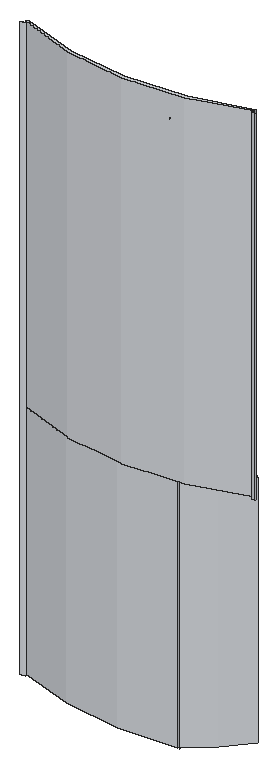
Revit family "Forte 8ft Tower Door Left", category Furniture, Revit 2011
Parameters (values of type "Forte 20' Tower Door Left")
  URL = "http://www.wengercorp.com/Home/Contact.html"
  Tower Label = Labels : 20ft
  Tower Height (16', 17', 18', 19', 20') = 20' - 0"
  Toekick Material [instance] = none
  RH End Panel [instance] = no
  Model = "60"
  Manufacturer = "Wenger Corporation"
  LH End Panel [instance] = no
  End Panel Material [instance] = none
  Edge Banding Material [instance] = none
  Door Material [instance] = none
  Description = "Standard 20ft Forte Tower"
  Assembly Code = ""
Types (5): name | Tower Label | Tower Height (16', 17', 18', 19', 20') | Description
  Forte 16' Tower Door Left | Labels : 16ft | 16' - 0" | "Standard 16' Forte Tower"
  Forte 17' Tower Door Left | Labels : 17ft | 17' - 0" | "Standard 17ft Forte Tower"
  Forte 18' Tower Door Left | Labels : 18ft | 18' - 0" | "Standard 18ft Forte Tower"
  Forte 19' Tower Door Left | Labels : 19ft | 19' - 0" | "Standard 19ft Forte Tower"
  Forte 20' Tower Door Left | Labels : 20ft | 20' - 0" | "Standard 20ft Forte Tower"
Reference planes (in)
  plane 1 "2D overlay plane": z = -15
  plane 2: z = 1.5
  plane 3: z = 0
  plane 4 "Panel Line": y = 788.05204
  plane 5 "Panel Line 8' h": z = 98.88281
  plane 6 "Panel Line 4' h": z = 52.3125
  plane 7 "Panel Line 12' h": z = 145.4375
  plane 8 "Panel Top 16'": z = 240
  plane 9 "Storage Panel Top": z = 32
  plane 10: x = 27.87036
  plane 11: x = 61.37707
  plane 12 "Storage Door Vertical": y = 779.68397
  plane 13: z = 192
  plane 14: z = 232
  plane 15: z = 230
  plane 16 "Door Inside Edge": x = 66.00548
  plane 17 "Door Top": z = 98.38281
Forms (in)
  Extrusion 1, solid
    sketch origin (0.01562, 0, 0.5) x (0, -1, 0) y (1, 0, 0)
      loop
        arc (-788.05204, -2.10568) -> (-778.50111, 44.60534) -> (-788.04976, 91.31682) r 119.01526
        line (-788.04976, 91.31682) -> (-788.96951, 90.92437)
        arc (-788.96951, 90.92437) -> (-779.50113, 44.60536) -> (-788.97177, -1.71318) r 118.01559
        line (-788.97177, -1.71318) -> (-788.05204, -2.10568)
    from 98.38281 to 239.5
  Extrusion 2, solid
    sketch origin (0, 0, 5.75) x (0, -1, 0) y (1, 0, 0)
      loop
        line (-814.48958, 31.889) -> (-814.48958, 57.32749) -> (-818.48958, 57.32749) -> (-818.48958, 31.889) -> (-814.48958, 31.889)
    from 0 to 4
  Extrusion 3, solid
    sketch origin (0, 0, 5.75) x (0, -1, 0) y (1, 0, 0)
      loop
        line (-818.48958, 34.09243) -> (-817.35949, 34.09243)
        arc (-817.35949, 34.09243) -> (-816.48449, 34.96743) -> (-815.60949, 34.09243) r 0.875
        line (-815.60949, 34.09243) -> (-814.48958, 34.09243) -> (-814.48958, 55.13162) -> (-815.61411, 55.13162)
        arc (-815.61411, 55.13162) -> (-816.48092, 54.26481) -> (-817.34773, 55.13162) r 0.86681
        line (-817.34773, 55.13162) -> (-818.48958, 55.13162) -> (-818.48958, 34.09243)
    from 4 to 12
  Extrusion 4, solid
    sketch origin (0, 0, 5.75) x (0, -1, 0) y (1, 0, 0)
      loop
        line (-785.88036, 27.28815) -> (-814.48958, 33.36922) -> (-814.48958, 31.889) -> (-785.88036, 25.80792) -> (-785.88036, 27.28815)
    from 0 to 4
  Extrusion 5, solid
    sketch origin (0, 0, 5.75) x (0, -1, 0) y (1, 0, 0)
      loop
        line (-785.88036, 61.92834) -> (-785.88036, 63.40828) -> (-814.48958, 57.32749) -> (-814.48958, 55.84726) -> (-785.88036, 61.92834)
    from 0 to 4
  Extrusion 6, solid
    sketch origin (0, 0.03125, 9.75) x (0, -1, 0) y (1, 0, 0)
      loop
        line (-816.8385, 55.7981) -> (-817.21612, 55.14405) -> (-816.8385, 54.48999) -> (-816.08326, 54.48999) -> (-815.70564, 55.14405) -> (-816.08326, 55.7981) -> (-816.8385, 55.7981)
    from 0 to 15.75
  Extrusion 7, solid
    sketch origin (-21.04546, 0.03125, 9.75) x (0, -1, 0) y (1, 0, 0)
      loop
        line (-816.8385, 55.7981) -> (-817.21612, 55.14405) -> (-816.8385, 54.48999) -> (-816.08326, 54.48999) -> (-815.70564, 55.14405) -> (-816.08326, 55.7981) -> (-816.8385, 55.7981)
    from 0 to 15.75
  Extrusion 8, solid
    sketch origin (-179.68383, 21.84325, 0.375) x (0.207912, 0.978148, 0) y (0, 0, 1)
      loop
        line (809.23958, 9.75) -> (790.11821, 24.15899) -> (790.11821, 22.65899) -> (807.73168, 9.38628) -> (809.72225, 9.38628) -> (809.23958, 9.75)
    from 42.27597 to 43.44341
  Extrusion 9, solid
    sketch origin (0, 0, 5.75) x (0, -1, 0) y (1, 0, 0)
      loop
        line (-781.2366, 24.8363) -> (-780.88935, 26.80566) -> (-785.55916, 27.62907) -> (-785.88028, 25.8079) -> (-781.2366, 24.8363)
    from 4 to 226.25
  Extrusion 10, solid
    sketch origin (268.90783, 21.84325, 0.375) x (-0.207912, 0.978148, 0) y (0, 0, -1)
      loop
        line (809.23958, -9.75) -> (809.72225, -9.38628) -> (807.73168, -9.38628) -> (790.11821, -22.65899) -> (790.11821, -24.15899) -> (809.23958, -9.75)
    from 42.27597 to 43.44341
  Extrusion 11, solid
    sketch origin (89.22399, 0, 5.75) x (0, -1, 0) y (1, 0, 0)
      loop
        line (-781.22862, -24.83463) -> (-785.88028, -25.8079) -> (-785.55916, -27.62907) -> (-780.88132, -26.80424) -> (-781.22862, -24.83463)
    from 4 to 226.25
  Extrusion 12, solid
    sketch origin (0, 0, 182) x (0, -1, 0) y (1, 0, 0)
      loop
        line (-785.55916, 27.62907) -> (-780.88132, 26.80424)
        arc (-780.88132, 26.80424) -> (-779.50188, 44.612) -> (-780.88132, 62.41975) r 115.63339
        line (-780.88132, 62.41975) -> (-785.55916, 61.59492) -> (-785.55916, 27.62907)
    from 48 to 50
  Extrusion 13, solid
    sketch origin (0, 0, 36) x (0, -1, 0) y (1, 0, 0)
      loop
        line (-785.55916, 27.62907) -> (-780.88132, 26.80424)
        arc (-780.88132, 26.80424) -> (-779.50188, 44.612) -> (-780.88132, 62.41975) r 115.63339
        line (-780.88132, 62.41975) -> (-785.55916, 61.59492) -> (-785.55916, 27.62907)
    from 0 to 2
  Extrusion 14, solid
    sketch origin (0, 0, 2.75) x (0, -1, 0) y (1, 0, 0)
      loop
        line (-785.89434, 25.81085) -> (-781.17172, 24.82261) -> (-780.7542, 27.79342) -> (-785.89434, 28.88599) -> (-785.89434, 25.81085)
    from 1.25 to 7
  Extrusion 15, solid
    sketch origin (89.22399, 0, 2.75) x (0, -1, 0) y (1, 0, 0)
      loop
        line (-785.89434, -25.81085) -> (-785.89434, -28.88599) -> (-780.7542, -27.79342) -> (-781.17172, -24.82261) -> (-785.89434, -25.81085)
    from 1.25 to 7
  Extrusion 16, solid
    sketch origin (-21.04546, 0.03125, 2.75) x (0, -1, 0) y (1, 0, 0)
      loop
        line (-816.8385, 55.7981) -> (-817.21612, 55.14405) -> (-816.8385, 54.48999) -> (-816.08326, 54.48999) -> (-815.70564, 55.14405) -> (-816.08326, 55.7981) -> (-816.8385, 55.7981)
    from 1.25 to 3
  Extrusion 17, solid
    sketch origin (0, 0.03125, 2.75) x (0, -1, 0) y (1, 0, 0)
      loop
        line (-816.8385, 55.7981) -> (-817.21612, 55.14405) -> (-816.8385, 54.48999) -> (-816.08326, 54.48999) -> (-815.70564, 55.14405) -> (-816.08326, 55.7981) -> (-816.8385, 55.7981)
    from 1.25 to 3
  Extrusion 18, solid
    sketch origin (0, 0, 0) x (0, -1, 0) y (1, 0, 0)
      loop
        line (-786.56615, -3.38412) -> (-786.4804, -3.38412)
        arc (-786.4804, -3.38412) -> (-786.61683, -2.34784) -> (-787.01681, -1.38218) r 4.00387
        line (-787.01681, -1.38218) -> (-787.09455, -1.45992)
        arc (-787.09455, -1.45992) -> (-786.70856, -2.38857) -> (-786.56615, -3.38412) r 4.00387
    from 1.5 to 240
  Extrusion 19, solid
    sketch origin (89.22399, 0, 0) x (0, -1, 0) y (1, 0, 0)
      loop
        arc (-786.56615, 3.38412) -> (-786.70856, 2.38857) -> (-787.09455, 1.45992) r 4.00387
        line (-787.09455, 1.45992) -> (-787.01681, 1.38218)
        arc (-787.01681, 1.38218) -> (-786.61683, 2.34784) -> (-786.4804, 3.38412) r 4.00387
        line (-786.4804, 3.38412) -> (-786.56615, 3.38412)
    from 98.88281 to 240
  Extrusion 20, solid
    sketch origin (33.39227, 0, 0) x (0, 1, 0) y (0, 0, 1)
      loop
        line (814.49213, 2) -> (815.07791, 0.58579) -> (816.49213, 0) -> (817.90634, 0.58579) -> (818.49213, 2) -> (817.90634, 3.41421) -> (816.49213, 4) -> (815.07791, 3.41421) -> (814.49213, 2)
    from 0 to 1.5
  Extrusion 21, solid
    sketch origin (26.13887, -33.13714, 0) x (0, 1, 0) y (0, 0, 1)
      loop
        line (814.49213, 2) -> (815.07791, 0.58579) -> (816.49213, 0) -> (817.90634, 0.58579) -> (818.49213, 2) -> (817.90634, 3.41421) -> (816.49213, 4) -> (815.07791, 3.41421) -> (814.49213, 2)
    from 0 to 1.5
  Extrusion 22, solid
    sketch origin (55.83172, 0, 0) x (0, 1, 0) y (0, 0, -1)
      loop
        line (814.49213, -2) -> (815.07791, -3.41421) -> (816.49213, -4) -> (817.90634, -3.41421) -> (818.49213, -2) -> (817.90634, -0.58579) -> (816.49213, 0) -> (815.07791, -0.58579) -> (814.49213, -2)
    from 0 to 1.5
  Extrusion 23, solid
    sketch origin (63.08513, -33.13714, 0) x (0, 1, 0) y (0, 0, -1)
      loop
        line (814.49213, -2) -> (815.07791, -3.41421) -> (816.49213, -4) -> (817.90634, -3.41421) -> (818.49213, -2) -> (817.90634, -0.58579) -> (816.49213, 0) -> (815.07791, -0.58579) -> (814.49213, -2)
    from 0 to 1.5
  Extrusion 24, solid
    sketch origin (-0.02344, 0, -15) x (1, 0, 0) y (0, 1, 0)
      loop
        line (-1.7186, 788.97417) -> (-2.04459, 788.02741)
        arc (-2.04459, 788.02741) -> (31.42306, 779.23399) -> (66.00548, 780.44401) r 118.96323
        line (66.00548, 780.44401) -> (65.81466, 781.4257)
        arc (65.81466, 781.4257) -> (31.49449, 780.24763) -> (-1.7186, 788.97417) r 118.32493
    from 16.5 to 113.88281
  Extrusion 25, solid
    sketch origin (-436.32594, 179.02177, -15) x (0.819152, -0.573576, 0) y (0.573576, 0.819152, 0)
      loop
        line (65.8048, 781.47643) -> (66.77625, 781.23914)
        arc (66.77625, 781.23914) -> (69.17266, 793.57646) -> (70.26111, 806.09714) r 119.59156
        line (70.26111, 806.09714) -> (69.26249, 806.14051)
        arc (69.26249, 806.14051) -> (68.18321, 793.7174) -> (65.8048, 781.47643) r 118.53593
    from 16.5 to 113.38281
Lines and regions (in)
  model lines
    curve 1: arc (-2.06469, 788.04775, 98.88281) -> (44.60824, 778.25543, 98.88281) -> (91.28118, 788.04775, 98.88281) r 116.12428
    curve 2: arc (-2.10568, 788.05204, 145.4375) -> (44.60824, 778.25111, 145.4375) -> (91.32217, 788.05204, 145.4375) r 116.22625
    curve 3: arc (-2.10568, 788.05204, 52.3125) -> (31.38017, 779.00633, 52.3125) -> (66.04418, 780.24496, 52.3125) r 116.22625
    curve 4: line (27.87036, 779.68397, 32) -> (27.87036, 779.68397, 1.5)
    curve 5: line (61.37707, 779.68397, 32) -> (61.37707, 779.68397, 1.5)
    curve 6: arc (27.87036, 779.68397, 32) -> (44.62371, 778.50111, 32) -> (61.37707, 779.68397, 32) r 119.23416
    curve 7: arc (-2.10568, 788.05204, 192) -> (44.60824, 778.50111, 192) -> (91.32217, 788.05204, 192) r 119.01523
Dimensions and locks (in)
  Extrusion 1 to plane 7 "Panel Line 12' h" = 7' - 10 9/16"
  plane 7 "Panel Line 12' h" to plane 5 "Panel Line 8' h" = 3' - 10 71/128"
  plane 5 "Panel Line 8' h" to plane 6 "Panel Line 4' h" = 3' - 10 73/128"
  "Tower Height (16', 17', 18', 19', 20')": plane 8 "Panel Top 16'" to level
  plane 9 "Storage Panel Top" to level = 2' - 8"
  locked: plane 14 to plane 8 "Panel Top 16'" at 8
  locked: plane 15 to plane 14 at 2
  aligned and locked: plane 8 "Panel Top 16'" to Extrusion 1
  aligned and locked: Extrusion 1 to Extrusion 18
  aligned and locked: Extrusion 19 to Extrusion 1
  aligned and locked: Extrusion 9 to Extrusion 11
  aligned and locked: Extrusion 9 to Extrusion 12
  aligned and locked: Extrusion 12 to Extrusion 11
  aligned and locked: Extrusion 12 to plane 15
  aligned and locked: plane 14 to Extrusion 9
Automatic sketch dimensions
  Extrusion 1 sketch curve to plane 4 "Panel Line" = 0' - 0"
  plane 4 "Panel Line" to Extrusion 1 sketch curve = 0' - 0.91748"
  plane 4 "Panel Line" to Extrusion 1 sketch curve = 0' - 0.91974"
  Extrusion 1 sketch curve to plane 10 = 1' - 4.75351"
  plane 4 "Panel Line" to Extrusion 1 sketch curve = 9' - 1.46434"
  Extrusion 1 sketch curve to Extrusion 1 sketch curve = 0' - 0.00034"
  Extrusion 1 sketch curve to plane 4 "Panel Line" = 0' - 0.00228"
  Extrusion 1 sketch curve to Extrusion 1 sketch curve = 0' - 0"
  plane 10 to Extrusion 1 sketch curve = 2' - 5.56792"
  Extrusion 1 sketch curve to Extrusion 1 sketch curve = 0' - 0.3925"
  Extrusion 2 sketch curve to plane 10 = 0' - 4.01863"
  plane 4 "Panel Line" to Extrusion 2 sketch curve = 2' - 6.43754"
  Extrusion 2 sketch curve to Extrusion 2 sketch curve = 0' - 4"
  plane 11 to Extrusion 2 sketch curve = 0' - 4.04958"
  Extrusion 3 sketch curve to plane 10 = 0' - 6.22207"
  plane 4 "Panel Line" to Extrusion 3 sketch curve = 2' - 6.43754"
  Extrusion 3 sketch curve to Extrusion 3 sketch curve = 0' - 1.13009"
  Extrusion 3 sketch curve to Extrusion 3 sketch curve = 0' - 1.14185"
  Extrusion 3 sketch curve to Extrusion 3 sketch curve = 0' - 0 7/8"
  Extrusion 3 sketch curve to Extrusion 3 sketch curve = 0' - 0.86681"
  Extrusion 3 sketch curve to Extrusion 3 sketch curve = 0' - 1.11991"
  plane 11 to Extrusion 3 sketch curve = 0' - 6.24545"
  Extrusion 4 sketch curve to plane 10 = 0' - 4.01863"
  plane 4 "Panel Line" to Extrusion 4 sketch curve = 2' - 2.43754"
  plane 10 to Extrusion 4 sketch curve = 0' - 0.58222"
  Extrusion 4 sketch curve to plane 4 "Panel Line" = 0' - 2.17167"
  Extrusion 4 sketch curve to Extrusion 4 sketch curve = 0' - 1.48023"  (x2)
  plane 11 to Extrusion 5 sketch curve = 0' - 4.04958"
  plane 4 "Panel Line" to Extrusion 5 sketch curve = 2' - 2.43754"
  Extrusion 5 sketch curve to plane 11 = 0' - 0.55127"
  Extrusion 5 sketch curve to plane 4 "Panel Line" = 0' - 2.17167"
  Extrusion 5 sketch curve to Extrusion 5 sketch curve = 0' - 1.48023"
  Extrusion 5 sketch curve to Extrusion 5 sketch curve = 0' - 1.47994"
  plane 11 to Extrusion 6 sketch curve = 0' - 6.23302"  (x2)
  plane 4 "Panel Line" to Extrusion 6 sketch curve = 2' - 5.19533"
  plane 11 to Extrusion 6 sketch curve = 0' - 5.57896"
  Extrusion 6 sketch curve to Extrusion 6 sketch curve = 0' - 0.37762"  (x3)
  plane 11 to Extrusion 6 sketch curve = 0' - 6.88708"
  Extrusion 6 sketch curve to Extrusion 6 sketch curve = 0' - 0.75524"  (x2)
  Extrusion 7 sketch curve to plane 10 = 0' - 6.22822"  (x2)
  plane 4 "Panel Line" to Extrusion 7 sketch curve = 2' - 5.19533"
  Extrusion 7 sketch curve to plane 10 = 0' - 6.88228"
  Extrusion 7 sketch curve to Extrusion 7 sketch curve = 0' - 0.37762"  (x3)
  Extrusion 7 sketch curve to plane 10 = 0' - 5.57416"
  Extrusion 7 sketch curve to Extrusion 7 sketch curve = 0' - 0.75524"  (x2)
  Extrusion 8 sketch curve to plane 9 "Storage Panel Top" = 0' - 7.46601"
  plane 2 to Extrusion 8 sketch curve = 0' - 8.26128"
  Extrusion 8 sketch curve to Extrusion 8 sketch curve = 1' - 5.61348"
  plane 2 to Extrusion 8 sketch curve = 0' - 8 5/8"
  Extrusion 8 sketch curve to Extrusion 8 sketch curve = 0' - 1.5079"
  Extrusion 8 sketch curve to Extrusion 8 sketch curve = 0' - 0.48267"
  Extrusion 8 sketch curve to Extrusion 8 sketch curve = 0' - 1 1/2"
  Extrusion 9 sketch curve to plane 4 "Panel Line" = 0' - 2.17176"
  plane 10 to Extrusion 9 sketch curve = 0' - 0.24129"
  Extrusion 9 sketch curve to Extrusion 9 sketch curve = 0' - 0.32112"
  plane 12 "Storage Door Vertical" to Extrusion 9 sketch curve = 0' - 1.55263"
  plane 10 to Extrusion 9 sketch curve = 0' - 1.0647"
  Extrusion 9 sketch curve to Extrusion 9 sketch curve = 0' - 0.34725"
  Extrusion 10 sketch curve to plane 9 "Storage Panel Top" = 0' - 7.46601"
  plane 2 to Extrusion 10 sketch curve = 0' - 8.26128"
  Extrusion 10 sketch curve to Extrusion 10 sketch curve = 1' - 5.61348"
  plane 2 to Extrusion 10 sketch curve = 0' - 8 5/8"
  Extrusion 10 sketch curve to Extrusion 10 sketch curve = 0' - 1.5079"
  Extrusion 10 sketch curve to Extrusion 10 sketch curve = 0' - 0.48267"
  Extrusion 10 sketch curve to Extrusion 10 sketch curve = 0' - 1 1/2"
  Extrusion 11 sketch curve to plane 4 "Panel Line" = 0' - 2.17176"
  Extrusion 11 sketch curve to plane 11 = 0' - 0.21785"
  Extrusion 11 sketch curve to Extrusion 11 sketch curve = 0' - 0.32112"
  plane 12 "Storage Door Vertical" to Extrusion 11 sketch curve = 0' - 1.54465"
  Extrusion 11 sketch curve to plane 11 = 0' - 1.04268"
  Extrusion 11 sketch curve to Extrusion 11 sketch curve = 0' - 0.3473"
  Extrusion 12 sketch curve to plane 10 = 1' - 4.74163"
  plane 4 "Panel Line" to Extrusion 12 sketch curve = 8' - 11.08324"
  Extrusion 12 sketch curve to plane 11 = 0' - 0.21785"
  Extrusion 12 sketch curve to plane 4 "Panel Line" = 0' - 2.49288"
  plane 12 "Storage Door Vertical" to Extrusion 12 sketch curve = 0' - 1.19735"
  Extrusion 12 sketch curve to plane 11 = 0' - 1.04268"
  Extrusion 12 sketch curve to Extrusion 12 sketch curve = 0' - 4.67784"
  plane 10 to Extrusion 12 sketch curve = 0' - 0.24129"
  Extrusion 13 sketch curve to plane 10 = 1' - 4.74163"
  plane 4 "Panel Line" to Extrusion 13 sketch curve = 8' - 11.08324"
  Extrusion 13 sketch curve to plane 11 = 0' - 0.21785"
  Extrusion 13 sketch curve to plane 4 "Panel Line" = 0' - 2.49288"
  plane 12 "Storage Door Vertical" to Extrusion 13 sketch curve = 0' - 1.19735"
  Extrusion 13 sketch curve to plane 11 = 0' - 1.04268"
  Extrusion 13 sketch curve to Extrusion 13 sketch curve = 0' - 4.67784"
  plane 10 to Extrusion 13 sketch curve = 0' - 0.24129"
  Extrusion 14 sketch curve to plane 10 = 0' - 1 1/64"
  Extrusion 14 sketch curve to plane 4 "Panel Line" = 0' - 2.15769"
  plane 12 "Storage Door Vertical" to Extrusion 14 sketch curve = 0' - 1.48775"
  plane 10 to Extrusion 14 sketch curve = 0' - 0.07695"
  plane 12 "Storage Door Vertical" to Extrusion 14 sketch curve = 0' - 1.07023"
  plane 10 to Extrusion 14 sketch curve = 0' - 2.05952"
  Extrusion 14 sketch curve to Extrusion 14 sketch curve = 0' - 2.9708"
  plane 11 to Extrusion 15 sketch curve = 0' - 1 5/128"
  Extrusion 15 sketch curve to plane 4 "Panel Line" = 0' - 2.15769"
  plane 12 "Storage Door Vertical" to Extrusion 15 sketch curve = 0' - 1.48775"
  Extrusion 15 sketch curve to plane 11 = 0' - 0.05351"
  plane 12 "Storage Door Vertical" to Extrusion 15 sketch curve = 0' - 1.07023"
  Extrusion 15 sketch curve to plane 11 = 0' - 2.03608"
  Extrusion 15 sketch curve to plane 16 "Door Inside Edge" = 0' - 1.6041"
  Extrusion 16 sketch curve to plane 10 = 0' - 6.22822"  (x2)
  plane 4 "Panel Line" to Extrusion 16 sketch curve = 2' - 5.19533"
  Extrusion 16 sketch curve to plane 10 = 0' - 6.88228"
  Extrusion 16 sketch curve to Extrusion 16 sketch curve = 0' - 0.37762"  (x3)
  Extrusion 16 sketch curve to plane 10 = 0' - 5.57416"
  Extrusion 16 sketch curve to Extrusion 16 sketch curve = 0' - 0.75524"  (x2)
  plane 11 to Extrusion 17 sketch curve = 0' - 6.23302"  (x2)
  plane 4 "Panel Line" to Extrusion 17 sketch curve = 2' - 5.19533"
  plane 11 to Extrusion 17 sketch curve = 0' - 5.57896"
  Extrusion 17 sketch curve to Extrusion 17 sketch curve = 0' - 0.37762"  (x3)
  plane 11 to Extrusion 17 sketch curve = 0' - 6.88708"
  Extrusion 17 sketch curve to Extrusion 17 sketch curve = 0' - 0.75524"  (x2)
  plane 4 "Panel Line" to Extrusion 18 sketch curve = 0' - 2.51747"
  Extrusion 18 sketch curve to Extrusion 18 sketch curve = 0' - 0.08523"
  Extrusion 18 sketch curve to plane 4 "Panel Line" = 0' - 0.95748"
  Extrusion 18 sketch curve to Extrusion 18 sketch curve = 0' - 0.07774"
  Extrusion 18 sketch curve to plane 4 "Panel Line" = 0' - 1.48588"
  Extrusion 18 sketch curve to Extrusion 18 sketch curve = 0' - 0.08575"
  plane 10 to Extrusion 18 sketch curve = 2' - 7.31919"
  Extrusion 18 sketch curve to Extrusion 18 sketch curve = 0' - 0.0647"
  plane 4 "Panel Line" to Extrusion 19 sketch curve = 0' - 2.51747"
  Extrusion 19 sketch curve to Extrusion 19 sketch curve = 0' - 0.08523"
  Extrusion 19 sketch curve to plane 4 "Panel Line" = 0' - 0.95748"
  Extrusion 19 sketch curve to Extrusion 19 sketch curve = 0' - 0.07774"  (x2)
  Extrusion 19 sketch curve to plane 4 "Panel Line" = 0' - 1.48588"
  Extrusion 19 sketch curve to Extrusion 19 sketch curve = 0' - 0.08575"
  plane 16 "Door Inside Edge" to Extrusion 19 sketch curve = 2' - 0.60069"
  level to Extrusion 20 sketch curve = 0' - 0"
  plane 2 to Extrusion 20 sketch curve = 0' - 0 1/2"  (x2)
  plane 4 "Panel Line" to Extrusion 20 sketch curve = 2' - 2.44009"
  level to Extrusion 20 sketch curve = 0' - 0.58579"  (x2)
  Extrusion 20 sketch curve to Extrusion 20 sketch curve = 0' - 0.58579"  (x3)
  plane 2 to Extrusion 20 sketch curve = 0' - 1.91421"  (x2)
  Extrusion 20 sketch curve to Extrusion 20 sketch curve = 0' - 1.41421"  (x4)
  plane 2 to Extrusion 20 sketch curve = 0' - 2 1/2"
  level to Extrusion 21 sketch curve = 0' - 0"
  plane 2 to Extrusion 21 sketch curve = 0' - 0 1/2"  (x2)
  plane 12 "Storage Door Vertical" to Extrusion 21 sketch curve = 0' - 1.67101"
  level to Extrusion 21 sketch curve = 0' - 0.58579"  (x2)
  Extrusion 21 sketch curve to Extrusion 21 sketch curve = 0' - 0.58579"  (x4)
  Extrusion 21 sketch curve to Extrusion 21 sketch curve = 0' - 1.41421"  (x6)
  Extrusion 22 sketch curve to level = 0' - 0"
  plane 2 to Extrusion 22 sketch curve = 0' - 0 1/2"  (x2)
  plane 4 "Panel Line" to Extrusion 22 sketch curve = 2' - 2.44009"
  level to Extrusion 22 sketch curve = 0' - 0.58579"  (x2)
  Extrusion 22 sketch curve to Extrusion 22 sketch curve = 0' - 0.58579"  (x3)
  plane 2 to Extrusion 22 sketch curve = 0' - 1.91421"  (x2)
  Extrusion 22 sketch curve to Extrusion 22 sketch curve = 0' - 1.41421"  (x4)
  plane 2 to Extrusion 22 sketch curve = 0' - 2 1/2"
  Extrusion 23 sketch curve to level = 0' - 0"
  plane 2 to Extrusion 23 sketch curve = 0' - 0 1/2"  (x2)
  plane 12 "Storage Door Vertical" to Extrusion 23 sketch curve = 0' - 1.67101"
  level to Extrusion 23 sketch curve = 0' - 0.58579"  (x2)
  Extrusion 23 sketch curve to Extrusion 23 sketch curve = 0' - 0.58579"  (x4)
  Extrusion 23 sketch curve to Extrusion 23 sketch curve = 0' - 1.41421"  (x6)
  curve 2 to plane 4 "Panel Line" = 0' - 0"  (x2)
  plane 16 "Door Inside Edge" to curve 2 = 2' - 1.31668"
  curve 2 to plane 10 = 1' - 4.73788"
  plane 4 "Panel Line" to curve 2 = 8' - 10.42533"
  curve 5 to plane 9 "Storage Panel Top" = 0' - 0"
  plane 11 to curve 5 = 0' - 0"
  curve 4 to plane 2 = 0' - 0"
  plane 10 to curve 4 = 0' - 0"
  curve 5 to plane 2 = 0' - 0"
  curve 4 to plane 9 "Storage Panel Top" = 0' - 0"
  curve 6 to plane 11 = 0' - 0"
  curve 6 to plane 10 = 0' - 0"
  curve 6 to plane 12 "Storage Door Vertical" = 0' - 0"  (x2)
  plane 4 "Panel Line" to curve 6 = 9' - 1.68324"
  curve 7 to plane 4 "Panel Line" = 0' - 0"  (x2)
  plane 16 "Door Inside Edge" to curve 7 = 2' - 1.31668"
  curve 7 to plane 10 = 1' - 4.73788"
  plane 4 "Panel Line" to curve 7 = 9' - 1.46431"
  Extrusion 24 sketch curve to plane 16 "Door Inside Edge" = 0' - 0 3/128"
  Extrusion 24 sketch curve to plane 16 "Door Inside Edge" = 0' - 0.21426"
  plane 11 to Extrusion 24 sketch curve = 1' - 4.7622"
  Extrusion 24 sketch curve to Extrusion 24 sketch curve = 0' - 0.03972"
  plane 4 "Panel Line" to Extrusion 24 sketch curve = 0' - 0.92213"
  plane 10 to Extrusion 24 sketch curve = 2' - 5.6124"
  Extrusion 24 sketch curve to plane 4 "Panel Line" = 0' - 0.02463"
  Extrusion 24 sketch curve to Extrusion 24 sketch curve = 0' - 0.326"
  plane 12 "Storage Door Vertical" to Extrusion 24 sketch curve = 0' - 1.74173"
  Extrusion 24 sketch curve to Extrusion 24 sketch curve = 0' - 0.98169"
  plane 10 to Extrusion 25 sketch curve = 3' - 3.84834"
  plane 4 "Panel Line" to Extrusion 25 sketch curve = 6' - 10.88492"
  Extrusion 25 sketch curve to Extrusion 25 sketch curve = 0' - 0.05596"
  Extrusion 25 sketch curve to Extrusion 25 sketch curve = 9' - 7.00959"
  Extrusion 25 sketch curve to Extrusion 25 sketch curve = 0' - 0.97144"
  Extrusion 25 sketch curve to Extrusion 25 sketch curve = 0' - 3.45769"
  Extrusion 25 sketch curve to Extrusion 25 sketch curve = 0' - 0.99861"
  Extrusion 25 sketch curve to Extrusion 25 sketch curve = 0' - 0.00556"
  Extrusion 25 sketch curve to Extrusion 25 sketch curve = 0' - 4.03366"
  Extrusion 25 sketch curve to Extrusion 25 sketch curve = 0' - 0.04337"
  curve 3 to plane 4 "Panel Line" = 0' - 0"
  plane 16 "Door Inside Edge" to curve 3 = 0' - 0.03869"
  curve 3 to plane 10 = 1' - 4.73788"
  plane 10 to curve 3 = 2' - 5.97604"
  plane 4 "Panel Line" to curve 3 = 8' - 10.42533"
  curve 1 to plane 4 "Panel Line" = 0' - 0.00428"  (x2)
  plane 16 "Door Inside Edge" to curve 1 = 2' - 1.2757"
  curve 1 to plane 10 = 1' - 4.73788"
  plane 4 "Panel Line" to curve 1 = 8' - 10.32767"
Nested families (in)
  nested 1: "Labels" at (44.56262, 798.81006, 0), type <- "Tower Label", type "20ft"
Definition of nested family "Labels"
  Parameters (values of type "Standard")
    Cabinet Label = "01"
  Types (4): name | Cabinet Label
    Standard | "01"
    Narrow | "01N"
    Narrow Acoustic | "01NA"
    Acoustic | "01A"
  Reference planes (in)
    plane 1: y = 0
    plane 2: x = 0
  Text (in)
    label "xxxx" at (-0.00018, 0.00754, 0), shows "Cabinet Label"
